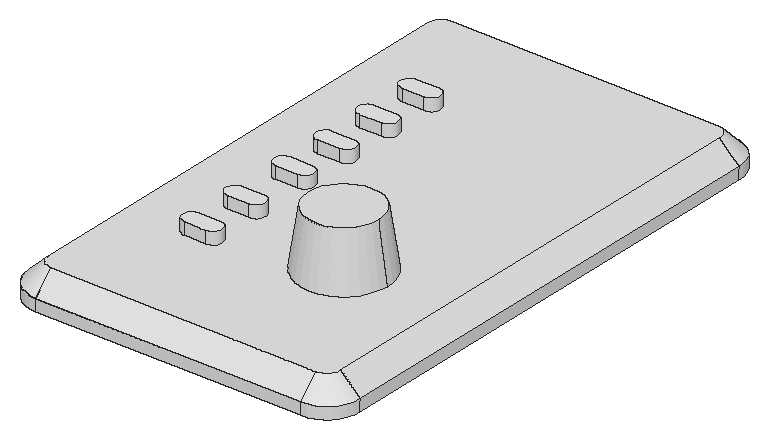
Revit family "CP8000 UL", category Communication Devices, Revit 2020
Family settings
  Maintain Annotation Orientation = No
  Round Connector Dimension = Use Diameter
  Part Type = Normal
  Work Plane-Based = Yes
  Always vertical = No
  Cut with Voids When Loaded = Yes
  Shared = No
  Room Calculation Point = No
Parameters
  Model = "CP8000UL"
  Manufacturer = "Klark Teknik"
  Default Elevation = 0 mm
Reference planes
  plane 1 "Center (Front/Back)": y = 0
  plane 2: z = 0
  plane 3 "Center (Left/Right)": x = 0
  plane 4 "Panel Face": z = 6.5
Forms (mm)
  Extrusion 1, solid, material "ABS - White"
    sketch origin (0, -56.921, 0) x (1, 0, 0) y (0, 1, 0)
      loop
        arc (-27.773, 114) -> (-32.723, 111.95) -> (-34.773, 107) r 7
        line (-34.773, 107) -> (-34.773, 7)
        arc (-34.773, 7) -> (-32.723, 2.05) -> (-27.773, 0) r 7
        line (-27.773, 0) -> (28.042, 0)
        arc (28.042, 0) -> (32.992, 2.05) -> (35.042, 7) r 7
        line (35.042, 7) -> (35.042, 107)
        arc (35.042, 107) -> (32.992, 111.95) -> (28.042, 114) r 7
        line (28.042, 114) -> (-27.773, 114)
    from 0 to 2.5
  Blend 2, solid, material "ABS - White"
    base sketch origin (0, -56.921, 0) x (1, 0, 0) y (0, 1, 0)
      loop
        arc (-27.773, 114) -> (-32.723, 111.95) -> (-34.773, 107) r 7
        line (-34.773, 107) -> (-34.773, 7)
        arc (-34.773, 7) -> (-32.723, 2.05) -> (-27.773, 0) r 7
        line (-27.773, 0) -> (28.042, 0)
        arc (28.042, 0) -> (32.992, 2.05) -> (35.042, 7) r 7
        line (35.042, 7) -> (35.042, 107)
        arc (35.042, 107) -> (32.992, 111.95) -> (28.042, 114) r 7
        line (28.042, 114) -> (-27.773, 114)
    top sketch origin (0, -56.921, 0) x (1, 0, 0) y (0, 1, 0)
      loop
        arc (-27.773, 110) -> (-29.894, 109.121) -> (-30.773, 107) r 3
        line (-30.773, 107) -> (-30.773, 7)
        arc (-30.773, 7) -> (-29.894, 4.879) -> (-27.773, 4) r 3
        line (-27.773, 4) -> (28.042, 4)
        arc (28.042, 4) -> (30.163, 4.879) -> (31.042, 7) r 3
        line (31.042, 7) -> (31.042, 107)
        arc (31.042, 107) -> (30.163, 109.121) -> (28.042, 110) r 3
        line (28.042, 110) -> (-27.773, 110)
    from 2.5 to 6.5
  Extrusion 3, solid, material "LED, White (Off)"
    sketch origin (0, 0, 6.5) x (0, -1, 0) y (1, 0, 0)
      loop
        arc (-30.701, -17.469) -> (-28.777, -19.392) -> (-26.854, -17.469) r 1.923
        line (-26.854, -17.469) -> (-26.854, -12.948)
        arc (-26.854, -12.948) -> (-28.777, -11.025) -> (-30.701, -12.948) r 1.923
        line (-30.701, -12.948) -> (-30.701, -17.469)
    from 0 to 2.5
  Extrusion 4, solid, material "LED, White (Off)"
    sketch origin (0, -11.126, 6.5) x (0, -1, 0) y (1, 0, 0)
      loop
        arc (-30.701, -17.469) -> (-28.777, -19.392) -> (-26.854, -17.469) r 1.923
        line (-26.854, -17.469) -> (-26.854, -12.948)
        arc (-26.854, -12.948) -> (-28.777, -11.025) -> (-30.701, -12.948) r 1.923
        line (-30.701, -12.948) -> (-30.701, -17.469)
    from 0 to 2.5
  Extrusion 5, solid, material "LED, White (Off)"
    sketch origin (0, -22.243, 6.5) x (0, -1, 0) y (1, 0, 0)
      loop
        arc (-30.701, -17.469) -> (-28.777, -19.392) -> (-26.854, -17.469) r 1.923
        line (-26.854, -17.469) -> (-26.854, -12.948)
        arc (-26.854, -12.948) -> (-28.777, -11.025) -> (-30.701, -12.948) r 1.923
        line (-30.701, -12.948) -> (-30.701, -17.469)
    from 0 to 2.5
  Extrusion 6, solid, material "LED, White (Off)"
    sketch origin (0, -33.353, 6.5) x (0, -1, 0) y (1, 0, 0)
      loop
        arc (-30.701, -17.469) -> (-28.777, -19.392) -> (-26.854, -17.469) r 1.923
        line (-26.854, -17.469) -> (-26.854, -12.948)
        arc (-26.854, -12.948) -> (-28.777, -11.025) -> (-30.701, -12.948) r 1.923
        line (-30.701, -12.948) -> (-30.701, -17.469)
    from 0 to 2.5
  Extrusion 7, solid, material "LED, White (Off)"
    sketch origin (0, -46.061, 6.5) x (0, -1, 0) y (1, 0, 0)
      loop
        arc (-30.701, -17.469) -> (-28.777, -19.392) -> (-26.854, -17.469) r 1.923
        line (-26.854, -17.469) -> (-26.854, -12.948)
        arc (-26.854, -12.948) -> (-28.777, -11.025) -> (-30.701, -12.948) r 1.923
        line (-30.701, -12.948) -> (-30.701, -17.469)
    from 0 to 2.5
  Extrusion 8, solid, material "LED, White (Off)"
    sketch origin (0, -57.465, 6.5) x (0, -1, 0) y (1, 0, 0)
      loop
        arc (-30.701, -17.469) -> (-28.777, -19.392) -> (-26.854, -17.469) r 1.923
        line (-26.854, -17.469) -> (-26.854, -12.948)
        arc (-26.854, -12.948) -> (-28.777, -11.025) -> (-30.701, -12.948) r 1.923
        line (-30.701, -12.948) -> (-30.701, -17.469)
    from 0 to 2.5
  Blend 9, solid, material "ABS - White"
    base sketch origin (0, 0, 6.5) x (0, -1, 0) y (1, 0, 0)
      loop
        circle (23.1, 10.164) r 9.251
    top sketch origin (0, 0, 6.5) x (0, -1, 0) y (1, 0, 0)
      loop
        circle (23.1, 10.164) r 7.453
    from 0 to 12
Lines and regions (mm)
  Filled region 1, type "CP8000 UL.dwg--3", in view "Ref. Level"
    outline origin (27.419, -56.921, 0) x (1, 0, 0) y (0, 1, 0)
      loop
        line (-18.38, 11.649) -> (-17.289, 11.649) -> (-17.289, 15.067) -> (-18.38, 15.067) -> (-18.38, 11.649)
  model lines
    curve 1: line (-17.353, 31.905, 6.5) -> (-13.031, 31.905, 6.5)
    curve 2: arc (-13.031, 31.905, 6.5) -> (-9.912, 28.787, 6.5) -> (-13.031, 25.668, 6.5) r 3.118
    curve 3: line (-13.031, 25.668, 6.5) -> (-17.353, 25.668, 6.5)
    curve 4: arc (-17.353, 25.668, 6.5) -> (-20.472, 28.787, 6.5) -> (-17.353, 31.905, 6.5) r 3.118
    curve 5: line (-17.353, 20.778, 6.5) -> (-13.031, 20.778, 6.5)
    curve 6: arc (-13.031, 20.778, 6.5) -> (-9.912, 17.66, 6.5) -> (-13.031, 14.542, 6.5) r 3.118
    curve 7: line (-13.031, 14.542, 6.5) -> (-17.353, 14.542, 6.5)
    curve 8: arc (-17.353, 14.542, 6.5) -> (-20.472, 17.66, 6.5) -> (-17.353, 20.778, 6.5) r 3.118
    curve 9: line (-17.353, 9.662, 6.5) -> (-13.031, 9.662, 6.5)
    curve 10: arc (-13.031, 9.662, 6.5) -> (-9.912, 6.544, 6.5) -> (-13.031, 3.426, 6.5) r 3.118
    curve 11: line (-13.031, 3.426, 6.5) -> (-17.353, 3.426, 6.5)
    curve 12: arc (-17.353, 3.426, 6.5) -> (-20.472, 6.544, 6.5) -> (-17.353, 9.662, 6.5) r 3.118
    curve 13: line (-17.353, -1.448, 6.5) -> (-13.031, -1.448, 6.5)
    curve 14: arc (-13.031, -1.448, 6.5) -> (-9.912, -4.566, 6.5) -> (-13.031, -7.684, 6.5) r 3.118
    curve 15: line (-13.031, -7.684, 6.5) -> (-17.353, -7.684, 6.5)
    curve 16: arc (-17.353, -7.684, 6.5) -> (-20.472, -4.566, 6.5) -> (-17.353, -1.448, 6.5) r 3.118
    curve 17: line (-17.353, -14.157, 6.5) -> (-13.031, -14.157, 6.5)
    curve 18: arc (-13.031, -14.157, 6.5) -> (-9.912, -17.275, 6.5) -> (-13.031, -20.393, 6.5) r 3.118
    curve 19: line (-13.031, -20.393, 6.5) -> (-17.353, -20.393, 6.5)
    curve 20: arc (-17.353, -20.393, 6.5) -> (-20.472, -17.275, 6.5) -> (-17.353, -14.157, 6.5) r 3.118
    curve 21: line (-17.353, -25.561, 6.5) -> (-13.031, -25.561, 6.5)
    curve 22: arc (-13.031, -25.561, 6.5) -> (-9.912, -28.679, 6.5) -> (-13.031, -31.797, 6.5) r 3.118
    curve 23: line (-13.031, -31.797, 6.5) -> (-17.353, -31.797, 6.5)
    curve 24: arc (-17.353, -31.797, 6.5) -> (-20.472, -28.679, 6.5) -> (-17.353, -25.561, 6.5) r 3.118
    curve 25: line (-19.238, 34.869, 6.5) -> (18.887, 34.869, 6.5)
    curve 26: arc (18.887, 34.869, 6.5) -> (22.224, 33.558, 6.5) -> (23.776, 30.327, 6.5) r 4.902
    curve 27: line (23.776, 30.327, 6.5) -> (23.776, -6.496, 6.5)
    curve 28: arc (23.776, -6.496, 6.5) -> (22.312, -9.788, 6.5) -> (18.887, -10.906, 6.5) r 4.434
    curve 29: line (18.887, -10.906, 6.5) -> (-19.701, -10.906, 6.5)
    curve 30: arc (-19.701, -10.906, 6.5) -> (-22.941, -9.5, 6.5) -> (-24.126, -6.172, 6.5) r 4.436
    curve 31: line (-24.126, -6.172, 6.5) -> (-24.126, 30.327, 6.5)
    curve 32: arc (-19.238, 34.869, 6.5) -> (-22.574, 33.558, 6.5) -> (-24.126, 30.327, 6.5) r 4.902
    curve 33: circle (10.164, -23.1, 6.5) r 10.2 normal (0, 0, 1)
    curve 34: line (-8.475, 25.782, 6.5) -> (19.634, 25.782, 6.5)
    curve 35: line (-8.475, 14.656, 6.5) -> (19.634, 14.656, 6.5)
    curve 36: line (-8.475, 3.539, 6.5) -> (19.634, 3.539, 6.5)
    curve 37: line (-8.475, -7.571, 6.5) -> (19.634, -7.571, 6.5)
Dimensions and locks
  aligned and locked: level to plane 2
Connectors
  electrical at (0.135, 0.079, 0)
    settings: on Extrusion 1, index 1, voltage 0 V, apparent load 0 VA, apparent load phase1 0 VA, apparent load phase2 0 VA, apparent load phase3 0 VA, power factor 1, load classification "Other", number of poles 1, system type 13, power factor state 1, is connector primary yes, connector utility no, sub classification motor no, connector description "Control - 5 pin"
